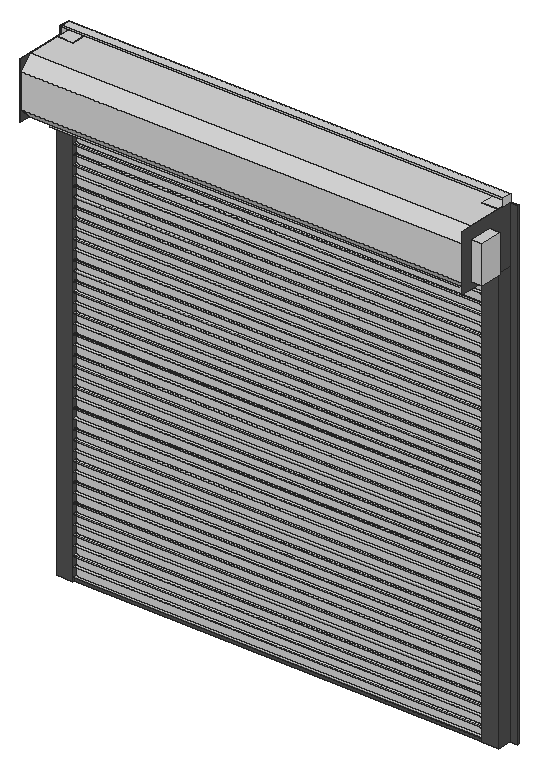
Revit family "Door_Overhead-Coiling-Fire_CHI_7300-Series-Manual", category Doors, host Wall, Revit 2026
Family settings
  Host = Wall
  Classification Number = 23.30.10.17.27.11
  Always vertical = Yes
  Cut with Voids When Loaded = No
  Shared = No
  Room Calculation Point = No
Parameters (values of type "As Specified")
  Voltage_MEP = 0 V
  Standards Conformance = ""
  Sound Transmission Class (STC) = 0
  Slats_Flat = yes
  Slats_Curved = no
  Safety Option [instance] = "[Photoelectric Sensor][Electric Edge Two Wire][Electric Edge Four Wire][Pneumatic Reversing Edge][No Safety Device]"
  Revision = "R1_02-2013"
  RO Offset = 0' - 0"  # constant formula
  Max Width = 0' - 0"
  Max Height = 0' - 0"
  Lock Mounting Point [instance] = "[Interior Mounted][Exterior Mounted]"
  Lock Access Location [instance] = "[Coil Side][Fascia Side][Both Sides]"
  Guide_Z Guide = yes
  Guide_Btwn Jamb = no
  Guide_E Guide = no
  Inset from Interior Face [instance] = 0' - 0"
  Function = Interior
  Frame Finish = Metal - CHI - Black Powdercoat
  Fire Safety Devices [instance] = "[Three 165 F fusible links][Smoke Detectors][Heat Rise Detectors][Connection to Building's Fire Alarm System][Fail-Safe][Fail-Safe with 72 hour battery backup][Audible warning system and strobe light]"
  Curtain Material for Coarse and Medium Views [instance] = Metal - CHI - Silver Powdercoat Coarse Curtain
  Coil Control Station [instance] = "[24V Keyed Switch][24V Two Button][24V Three Button]"
  Body Material = Metal - CHI - Silver Powdercoat
  Air Infiltration = ""
  ASTM Conformance = ""
  Warranty Duration (Years) = 0
  URL = "http://www.chiohd.com/garage-doors/"
  Thickness = 0' - 0 1/4"
  Rough Width = 9' - 1"
  Rough Height = 9' - 3"
  R_Value = 0
  Maintenance Schedule (Months) = 0
  Installation Phase = ""
  Model = "as Specified in 08330"
  Manufacturer = "CHI Overhead Doors"
  Keynote = "08330"
  Height = 9' - 2 1/2"
  Wall Closure = By host
  Width = 9' - 0"
  Fire Rating = "As Specified in 08330"
  Expected Lifespan (Years) = 0
  Drawn By = "Sumex Design, Inc. / Robert S. Weygant, CSI, CDT, SCIP"
  Description = "CHI Overhead Door Product as Specified"
  Copyright = "©Arcat Inc."
  Assembly Code = "B2030420"
Reference planes (in)
  plane 1 "Center (Front/Back)": y = -33.96225
  plane 2 "Center (Left/Right)": x = 64.28704
  plane 3: z = 0
  plane 4 "Right": x = 118.28704
  plane 5 "Left": x = 10.28704
  plane 6 "Closure": y = -37.96225
  plane 7: z = 0
  plane 8 "Top of Frame": z = 110.5
  plane 9 "RO Top": z = 110.5
  plane 10 "RO Right": x = 118.28704
  plane 11 "RO Left": x = 10.28704
  plane 12: y = -37.96225
Lines and regions (in)
  Opening 1
    outline origin (-109.33485, -37.96225, 0) x (1, 0, 0) y (0, 0, 1)
      loop
        line (119.62189, 0) -> (227.62189, 0) -> (227.62189, 110.5) -> (119.62189, 110.5) -> (119.62189, 0)
Text (in)
  text "Exterior" at (50.54558, 27.31104, 0), in view "A101 - Plan View"
  text "Interior" at (58.96477, -82.94027, 0), in view "A101 - Plan View"
  text "Exterior" at (0, -17.98638, 123.01588), in view "Right"
  text "Interior" at (0, -64.39139, 123.01588), in view "Right"
  text "Interior" at (0, -52.09468, 121.14095), in view "Left"
  text "Exterior" at (0, 26.35325, 123.00693), in view "Left"
Dimensions and locks (in)
  equal spacing: plane 4 "Right", plane 2 "Center (Left/Right)", plane 5 "Left"
  "Width": plane 5 "Left" to plane 4 "Right"
  "Height": level to plane 8 "Top of Frame"
  "RO Offset": plane 5 "Left" to plane 11 "RO Left"
  "RO Offset": plane 10 "RO Right" to plane 4 "Right"
  "RO Offset": plane 9 "RO Top" to plane 8 "Top of Frame"
  "Inset from Interior Face": plane 6 "Closure" to plane 12
  aligned and locked: host wall to plane 1 "Center (Front/Back)"
  aligned and locked: host wall to plane 6 "Closure"
  aligned and locked: Opening 1 sketch curve to level
  aligned and locked: Opening 1 sketch curve to plane 9 "RO Top"
  aligned and locked: plane 10 "RO Right" to Opening 1 sketch curve
  aligned and locked: plane 11 "RO Left" to Opening 1 sketch curve
  aligned and locked: plane 12 to nested 1
Nested families (in)
  nested 1: "7300Series" at (64.28704, -45.96225, 0), Mounting to Wood or Masonry Structure <- "Guide_Z Guide", Mounting to Steel Wood or Masonry Btwn Jamb <- "Guide_Btwn Jamb", Mounting to Steel Structure <- "Guide_E Guide", Flat Slat <- "Slats_Flat", Curved Slat <- "Slats_Curved", curtain material for coarse and medium detail views <- "Curtain Material for Coarse and Medium Views", Frame <- "Frame Finish", Body <- "Body Material", Unit Width <- "Width", Unit Height <- "Height", type "Manual"
    with slatcount 45, offset 0' - 0", curtain material for coarse and medium detail views Metal - CHI - Silver Powdercoat Coarse Curtain, Unit Width 9' - 0", Unit Height 9' - 2 1/2", Overall Frame Width 9' - 8 3/4", Mounting to Wood or Masonry Structure yes, Mounting to Steel Wood or Masonry Btwn Jamb no, Mounting to Steel Structure no, Frame Metal - CHI - Black Powdercoat, Flat Slat yes, Curved Slat no, Body Metal - CHI - Silver Powdercoat
Definition of nested family "7300Series"
  Parameters
    slatcount [instance] = if(Flat Slat, ((Unit Height - 0' 1") / 0' 2 1/2") + 1, ((Unit Height - 0' 1") / 0' 2 5/8") + 1)  # 39
    offset [instance] = 0' - 0"
    curtain material for coarse and medium detail views [instance] = none
    canopyheight = 1' - 3"
    Z = 0' - 6 1/2"
    Y = 0' - 4 3/8"
    X = 0' - 3 7/8"
    Unit Width [instance] = 6' - 0"
    Unit Height [instance] = 8' - 0"
    Unit Depth = 1' - 4"
    URL = "http://www.chiohd.com/garage-doors/"
    T = 0' - 6 1/2"
    Specification = ""
    SpecWizard = "http://www.arcat.com/specwizard/clients/chiover.html?coid=43804"
    Sales Information = "http://www.chiohd.com/dealers/#.UQ_IQr_Xb_Y"
    Revision = "R1_02-2013"
    Product Properties = ""
    Product Data = "http://www.arcat.com/arcatcos/cos43/arc43804.html"
    Overall Frame Width [instance] = Unit Width + (Y * 2)  # 6' - 8 3/4"
    Mounting to Wood or Masonry Structure [instance] = no
    Mounting to Steel Wood or Masonry Btwn Jamb [instance] = yes
    Mounting to Steel Structure [instance] = yes
    Model = "As Specified"
    Manufacturer = "CHI Overhead Doors"
    Keynote = ""
    Installation-Fabrication = ""
    Green Building-LEED = "http://www.arcat.com/green/clients/leed_data_43804.html"
    Frame [instance] = none
    Flat Slat [instance] = yes
    Drawn By = "Sumex Design, Inc. / Robert S. Weygant, CSI, CDT, SCIP"
    Description = ""
    Default Elevation = 4' - 0"
    D = 0' - 7 1/2"
    Curved Slat [instance] = no
    Copyright = "©Arcat Inc."
    Construction Details = "http://www.arcat.com/details/chiover/chiover.html?coid=43804"
    Body [instance] = none
    Assembly Code = ""
  Reference planes (in)
    plane 1 "Center (Front/Back)": y = 0
    plane 2 "Bottom": z = 0
    plane 3 "Center (Left/Right)": x = 0
    plane 4 "Front": y = -8
    plane 5 "Back": y = 8
    plane 6 "Left": x = -36
    plane 7 "Right": x = 36
    plane 8 "Top": z = 96
    plane 9: x = -42.5
    plane 10: x = 43.5
    plane 11: z = 115
    plane 12: z = 113
    plane 13: z = 98
    plane 14: x = -40.375
    plane 15: x = 40.375
    plane 16: x = -40.25
    plane 17: x = 40.25
  Forms (in)
    Extrusion 1, solid, material <- "Frame", visible <- "Mounting to Steel Structure"
      sketch origin (0, 0, 0) x (1, 0, 0) y (0, 1, 0)
        loop
          line (-36, 8) -> (-40.375, 8) -> (-40.375, 4.125) -> (-36, 4.125) -> (-36, 8)
        loop
          line (36, 8) -> (36, 4.125) -> (40.375, 4.125) -> (40.375, 8) -> (36, 8)
      from 0 to 113
    Extrusion 2, solid, material <- "Frame", visible <- "Mounting to Wood or Masonry Structure"
      sketch origin (0, 0, 0) x (1, 0, 0) y (0, 1, 0)
        loop
          line (-36, 8) -> (-42.5, 8) -> (-42.5, 7.75) -> (-40.375, 7.75) -> (-40.375, 4.125) -> (-36, 4.125) -> (-36, 8)
        loop
          line (36, 8) -> (36, 4.125) -> (40.375, 4.125) -> (40.375, 7.75) -> (42.5, 7.75) -> (42.5, 8) -> (36, 8)
      from 0 to 113
    Extrusion 3, solid, material <- "Body"
      sketch origin (0, 0, 0) x (0, 1, 0) y (0, 0, 1)
        loop
          line (8, 113) -> (8, 115) -> (5.5, 115) -> (5.5, 113) -> (8, 113)
      from -40.375 to 40.375
    Extrusion 4, void
      sketch origin (0, 0, 0) x (0, 1, 0) y (0, 0, 1)
        loop
          line (5.5, 114.5) -> (5.5, 113) -> (7.9375, 113) -> (7.9375, 114.9375) -> (5.5625, 114.9375) -> (5.5625, 114.5) -> (5.5, 114.5)
      from -40.25 to 40.25
    Extrusion 5, solid, material <- "Frame"
      sketch origin (0, 0, 0) x (0, 1, 0) y (0, 0, 1)
        loop
          line (8, 98) -> (8, 113) -> (-8, 113) -> (-8, 98) -> (8, 98)
      from -40.375 to -40.25
    Extrusion 6, solid, material <- "Body"
      sketch origin (0, 0, 0) x (0, 1, 0) y (0, 0, 1)
        loop
          line (-2, 98) -> (-2.0625, 98) -> (-2.0625, 96.5625) -> (-3.4375, 96.5625) -> (-3.4375, 97) -> (-3.5, 97) -> (-3.5, 96.5) -> (-2, 96.5) -> (-2, 98)
      from -36 to 36
    Extrusion 7, solid, material <- "Frame"
      sketch origin (0, 0, 0) x (0, 1, 0) y (0, 0, -1)
        loop
          line (8, -98) -> (-8, -98) -> (-8, -113) -> (8, -113) -> (8, -98)
      from -40.375 to -40.25
    Extrusion 8, solid, material <- "Body"
      sketch origin (0, 0, 0) x (0, 1, 0) y (0, 0, 1)
        loop
          line (-8, 101) -> (-5, 98) -> (8, 98) -> (8, 113) -> (-5, 113) -> (-8, 110) -> (-8, 101)
      from -40.25 to 40.25
    Sweep 9, solid, material <- "Body", visible <- "Curved Slat", detail levels fine
      path origin (0, 4.5, 0) x (1, 0, 0) y (0, 0, 1)
        loop
          line (-36, 1) -> (36, 1)
      profile "Curved : Slat" origin (0, 4.5, 1) x (0, 0, 1) y (0, -1, 0)
        loop
          line (0.12361, -0.14908) -> (0.41902, 0.18881)
          arc (0.41902, 0.18881) -> (0.47785, 0.19232) -> (0.51866, 0.14981) r 0.07026
          line (0.51866, 0.14981) -> (0.72234, -0.44068)
          arc (0.72234, -0.44068) -> (0.79057, -0.54061) -> (0.90015, -0.5919) r 0.22934
          arc (0.90015, -0.5919) -> (1.23528, -0.61576) -> (1.56849, -0.57273) r 1.68661
          line (1.56849, -0.57273) -> (2.05553, -0.4596)
          arc (2.05553, -0.4596) -> (2.19143, -0.3765) -> (2.29279, -0.25361) r 0.48169
          line (2.29279, -0.25361) -> (2.41997, -0.03334) -> (2.5599, -0.03334)
          arc (2.5599, -0.03334) -> (2.77175, 0.1483) -> (2.49527, 0.18616) r 0.15297
          line (2.49527, 0.18616) -> (2.2261, -0.24458)
          arc (2.2261, -0.24458) -> (2.12605, -0.351) -> (1.99293, -0.41113) r 0.375
          line (1.99293, -0.41113) -> (1.5546, -0.51293)
          arc (1.5546, -0.51293) -> (1.23352, -0.55441) -> (0.91059, -0.53141) r 1.62522
          arc (0.91059, -0.53141) -> (0.83033, -0.49385) -> (0.78036, -0.42066) r 0.16796
          line (0.78036, -0.42066) -> (0.57669, 0.16982)
          arc (0.57669, 0.16982) -> (0.47751, 0.25609) -> (0.35313, 0.21355) r 0.13165
          line (0.35313, 0.21355) -> (0.19152, 0.0287)
          arc (0.19152, 0.0287) -> (-0.18091, 0.06911) -> (0.12361, -0.14908) r 0.19366
    Sweep 10, solid, material <- "Body", visible <- "Curved Slat", detail levels fine
      path origin (0, 4.5, 2.625) x (1, 0, 0) y (0, 0, 1)
        loop
          line (-36, 1) -> (36, 1)
      profile "Curved : Slat" origin (0, 4.5, 3.625) x (0, 0, 1) y (0, -1, 0)
        loop
          line (0.12361, -0.14908) -> (0.41902, 0.18881)
          arc (0.41902, 0.18881) -> (0.47785, 0.19232) -> (0.51866, 0.14981) r 0.07026
          line (0.51866, 0.14981) -> (0.72234, -0.44068)
          arc (0.72234, -0.44068) -> (0.79057, -0.54061) -> (0.90015, -0.5919) r 0.22934
          arc (0.90015, -0.5919) -> (1.23528, -0.61576) -> (1.56849, -0.57273) r 1.68661
          line (1.56849, -0.57273) -> (2.05553, -0.4596)
          arc (2.05553, -0.4596) -> (2.19143, -0.3765) -> (2.29279, -0.25361) r 0.48169
          line (2.29279, -0.25361) -> (2.41997, -0.03334) -> (2.5599, -0.03334)
          arc (2.5599, -0.03334) -> (2.77175, 0.1483) -> (2.49527, 0.18616) r 0.15297
          line (2.49527, 0.18616) -> (2.2261, -0.24458)
          arc (2.2261, -0.24458) -> (2.12605, -0.351) -> (1.99293, -0.41113) r 0.375
          line (1.99293, -0.41113) -> (1.5546, -0.51293)
          arc (1.5546, -0.51293) -> (1.23352, -0.55441) -> (0.91059, -0.53141) r 1.62522
          arc (0.91059, -0.53141) -> (0.83033, -0.49385) -> (0.78036, -0.42066) r 0.16796
          line (0.78036, -0.42066) -> (0.57669, 0.16982)
          arc (0.57669, 0.16982) -> (0.47751, 0.25609) -> (0.35313, 0.21355) r 0.13165
          line (0.35313, 0.21355) -> (0.19152, 0.0287)
          arc (0.19152, 0.0287) -> (-0.18091, 0.06911) -> (0.12361, -0.14908) r 0.19366
    Sweep 11, solid, material <- "Body", visible <- "Curved Slat", detail levels fine
      path origin (0, 4.5, 5.25) x (1, 0, 0) y (0, 0, 1)
        loop
          line (-36, 1) -> (36, 1)
      profile "Curved : Slat" origin (0, 4.5, 6.25) x (0, 0, 1) y (0, -1, 0)
        loop
          line (0.12361, -0.14908) -> (0.41902, 0.18881)
          arc (0.41902, 0.18881) -> (0.47785, 0.19232) -> (0.51866, 0.14981) r 0.07026
          line (0.51866, 0.14981) -> (0.72234, -0.44068)
          arc (0.72234, -0.44068) -> (0.79057, -0.54061) -> (0.90015, -0.5919) r 0.22934
          arc (0.90015, -0.5919) -> (1.23528, -0.61576) -> (1.56849, -0.57273) r 1.68661
          line (1.56849, -0.57273) -> (2.05553, -0.4596)
          arc (2.05553, -0.4596) -> (2.19143, -0.3765) -> (2.29279, -0.25361) r 0.48169
          line (2.29279, -0.25361) -> (2.41997, -0.03334) -> (2.5599, -0.03334)
          arc (2.5599, -0.03334) -> (2.77175, 0.1483) -> (2.49527, 0.18616) r 0.15297
          line (2.49527, 0.18616) -> (2.2261, -0.24458)
          arc (2.2261, -0.24458) -> (2.12605, -0.351) -> (1.99293, -0.41113) r 0.375
          line (1.99293, -0.41113) -> (1.5546, -0.51293)
          arc (1.5546, -0.51293) -> (1.23352, -0.55441) -> (0.91059, -0.53141) r 1.62522
          arc (0.91059, -0.53141) -> (0.83033, -0.49385) -> (0.78036, -0.42066) r 0.16796
          line (0.78036, -0.42066) -> (0.57669, 0.16982)
          arc (0.57669, 0.16982) -> (0.47751, 0.25609) -> (0.35313, 0.21355) r 0.13165
          line (0.35313, 0.21355) -> (0.19152, 0.0287)
          arc (0.19152, 0.0287) -> (-0.18091, 0.06911) -> (0.12361, -0.14908) r 0.19366
    Sweep 12, solid, material <- "Body", visible <- "Curved Slat", detail levels fine
      path origin (0, 4.5, 7.875) x (1, 0, 0) y (0, 0, 1)
        loop
          line (-36, 1) -> (36, 1)
      profile "Curved : Slat" origin (0, 4.5, 8.875) x (0, 0, 1) y (0, -1, 0)
        loop
          line (0.12361, -0.14908) -> (0.41902, 0.18881)
          arc (0.41902, 0.18881) -> (0.47785, 0.19232) -> (0.51866, 0.14981) r 0.07026
          line (0.51866, 0.14981) -> (0.72234, -0.44068)
          arc (0.72234, -0.44068) -> (0.79057, -0.54061) -> (0.90015, -0.5919) r 0.22934
          arc (0.90015, -0.5919) -> (1.23528, -0.61576) -> (1.56849, -0.57273) r 1.68661
          line (1.56849, -0.57273) -> (2.05553, -0.4596)
          arc (2.05553, -0.4596) -> (2.19143, -0.3765) -> (2.29279, -0.25361) r 0.48169
          line (2.29279, -0.25361) -> (2.41997, -0.03334) -> (2.5599, -0.03334)
          arc (2.5599, -0.03334) -> (2.77175, 0.1483) -> (2.49527, 0.18616) r 0.15297
          line (2.49527, 0.18616) -> (2.2261, -0.24458)
          arc (2.2261, -0.24458) -> (2.12605, -0.351) -> (1.99293, -0.41113) r 0.375
          line (1.99293, -0.41113) -> (1.5546, -0.51293)
          arc (1.5546, -0.51293) -> (1.23352, -0.55441) -> (0.91059, -0.53141) r 1.62522
          arc (0.91059, -0.53141) -> (0.83033, -0.49385) -> (0.78036, -0.42066) r 0.16796
          line (0.78036, -0.42066) -> (0.57669, 0.16982)
          arc (0.57669, 0.16982) -> (0.47751, 0.25609) -> (0.35313, 0.21355) r 0.13165
          line (0.35313, 0.21355) -> (0.19152, 0.0287)
          arc (0.19152, 0.0287) -> (-0.18091, 0.06911) -> (0.12361, -0.14908) r 0.19366
    Sweep 13, solid, material <- "Body", visible <- "Curved Slat", detail levels fine
      path origin (0, 4.5, 10.5) x (1, 0, 0) y (0, 0, 1)
        loop
          line (-36, 1) -> (36, 1)
      profile "Curved : Slat" origin (0, 4.5, 11.5) x (0, 0, 1) y (0, -1, 0)
        loop
          line (0.12361, -0.14908) -> (0.41902, 0.18881)
          arc (0.41902, 0.18881) -> (0.47785, 0.19232) -> (0.51866, 0.14981) r 0.07026
          line (0.51866, 0.14981) -> (0.72234, -0.44068)
          arc (0.72234, -0.44068) -> (0.79057, -0.54061) -> (0.90015, -0.5919) r 0.22934
          arc (0.90015, -0.5919) -> (1.23528, -0.61576) -> (1.56849, -0.57273) r 1.68661
          line (1.56849, -0.57273) -> (2.05553, -0.4596)
          arc (2.05553, -0.4596) -> (2.19143, -0.3765) -> (2.29279, -0.25361) r 0.48169
          line (2.29279, -0.25361) -> (2.41997, -0.03334) -> (2.5599, -0.03334)
          arc (2.5599, -0.03334) -> (2.77175, 0.1483) -> (2.49527, 0.18616) r 0.15297
          line (2.49527, 0.18616) -> (2.2261, -0.24458)
          arc (2.2261, -0.24458) -> (2.12605, -0.351) -> (1.99293, -0.41113) r 0.375
          line (1.99293, -0.41113) -> (1.5546, -0.51293)
          arc (1.5546, -0.51293) -> (1.23352, -0.55441) -> (0.91059, -0.53141) r 1.62522
          arc (0.91059, -0.53141) -> (0.83033, -0.49385) -> (0.78036, -0.42066) r 0.16796
          line (0.78036, -0.42066) -> (0.57669, 0.16982)
          arc (0.57669, 0.16982) -> (0.47751, 0.25609) -> (0.35313, 0.21355) r 0.13165
          line (0.35313, 0.21355) -> (0.19152, 0.0287)
          arc (0.19152, 0.0287) -> (-0.18091, 0.06911) -> (0.12361, -0.14908) r 0.19366
    Sweep 14, solid, material <- "Body", visible <- "Curved Slat", detail levels fine
      path origin (0, 4.5, 13.125) x (1, 0, 0) y (0, 0, 1)
        loop
          line (-36, 1) -> (36, 1)
      profile "Curved : Slat" origin (0, 4.5, 14.125) x (0, 0, 1) y (0, -1, 0)
        loop
          line (0.12361, -0.14908) -> (0.41902, 0.18881)
          arc (0.41902, 0.18881) -> (0.47785, 0.19232) -> (0.51866, 0.14981) r 0.07026
          line (0.51866, 0.14981) -> (0.72234, -0.44068)
          arc (0.72234, -0.44068) -> (0.79057, -0.54061) -> (0.90015, -0.5919) r 0.22934
          arc (0.90015, -0.5919) -> (1.23528, -0.61576) -> (1.56849, -0.57273) r 1.68661
          line (1.56849, -0.57273) -> (2.05553, -0.4596)
          arc (2.05553, -0.4596) -> (2.19143, -0.3765) -> (2.29279, -0.25361) r 0.48169
          line (2.29279, -0.25361) -> (2.41997, -0.03334) -> (2.5599, -0.03334)
          arc (2.5599, -0.03334) -> (2.77175, 0.1483) -> (2.49527, 0.18616) r 0.15297
          line (2.49527, 0.18616) -> (2.2261, -0.24458)
          arc (2.2261, -0.24458) -> (2.12605, -0.351) -> (1.99293, -0.41113) r 0.375
          line (1.99293, -0.41113) -> (1.5546, -0.51293)
          arc (1.5546, -0.51293) -> (1.23352, -0.55441) -> (0.91059, -0.53141) r 1.62522
          arc (0.91059, -0.53141) -> (0.83033, -0.49385) -> (0.78036, -0.42066) r 0.16796
          line (0.78036, -0.42066) -> (0.57669, 0.16982)
          arc (0.57669, 0.16982) -> (0.47751, 0.25609) -> (0.35313, 0.21355) r 0.13165
          line (0.35313, 0.21355) -> (0.19152, 0.0287)
          arc (0.19152, 0.0287) -> (-0.18091, 0.06911) -> (0.12361, -0.14908) r 0.19366
    Sweep 15, solid, material <- "Body", visible <- "Curved Slat", detail levels fine
      path origin (0, 4.5, 15.75) x (1, 0, 0) y (0, 0, 1)
        loop
          line (-36, 1) -> (36, 1)
      profile "Curved : Slat" origin (0, 4.5, 16.75) x (0, 0, 1) y (0, -1, 0)
        loop
          line (0.12361, -0.14908) -> (0.41902, 0.18881)
          arc (0.41902, 0.18881) -> (0.47785, 0.19232) -> (0.51866, 0.14981) r 0.07026
          line (0.51866, 0.14981) -> (0.72234, -0.44068)
          arc (0.72234, -0.44068) -> (0.79057, -0.54061) -> (0.90015, -0.5919) r 0.22934
          arc (0.90015, -0.5919) -> (1.23528, -0.61576) -> (1.56849, -0.57273) r 1.68661
          line (1.56849, -0.57273) -> (2.05553, -0.4596)
          arc (2.05553, -0.4596) -> (2.19143, -0.3765) -> (2.29279, -0.25361) r 0.48169
          line (2.29279, -0.25361) -> (2.41997, -0.03334) -> (2.5599, -0.03334)
          arc (2.5599, -0.03334) -> (2.77175, 0.1483) -> (2.49527, 0.18616) r 0.15297
          line (2.49527, 0.18616) -> (2.2261, -0.24458)
          arc (2.2261, -0.24458) -> (2.12605, -0.351) -> (1.99293, -0.41113) r 0.375
          line (1.99293, -0.41113) -> (1.5546, -0.51293)
          arc (1.5546, -0.51293) -> (1.23352, -0.55441) -> (0.91059, -0.53141) r 1.62522
          arc (0.91059, -0.53141) -> (0.83033, -0.49385) -> (0.78036, -0.42066) r 0.16796
          line (0.78036, -0.42066) -> (0.57669, 0.16982)
          arc (0.57669, 0.16982) -> (0.47751, 0.25609) -> (0.35313, 0.21355) r 0.13165
          line (0.35313, 0.21355) -> (0.19152, 0.0287)
          arc (0.19152, 0.0287) -> (-0.18091, 0.06911) -> (0.12361, -0.14908) r 0.19366
    Sweep 16, solid, material <- "Body", visible <- "Curved Slat", detail levels fine
      path origin (0, 4.5, 18.375) x (1, 0, 0) y (0, 0, 1)
        loop
          line (-36, 1) -> (36, 1)
      profile "Curved : Slat" origin (0, 4.5, 19.375) x (0, 0, 1) y (0, -1, 0)
        loop
          line (0.12361, -0.14908) -> (0.41902, 0.18881)
          arc (0.41902, 0.18881) -> (0.47785, 0.19232) -> (0.51866, 0.14981) r 0.07026
          line (0.51866, 0.14981) -> (0.72234, -0.44068)
          arc (0.72234, -0.44068) -> (0.79057, -0.54061) -> (0.90015, -0.5919) r 0.22934
          arc (0.90015, -0.5919) -> (1.23528, -0.61576) -> (1.56849, -0.57273) r 1.68661
          line (1.56849, -0.57273) -> (2.05553, -0.4596)
          arc (2.05553, -0.4596) -> (2.19143, -0.3765) -> (2.29279, -0.25361) r 0.48169
          line (2.29279, -0.25361) -> (2.41997, -0.03334) -> (2.5599, -0.03334)
          arc (2.5599, -0.03334) -> (2.77175, 0.1483) -> (2.49527, 0.18616) r 0.15297
          line (2.49527, 0.18616) -> (2.2261, -0.24458)
          arc (2.2261, -0.24458) -> (2.12605, -0.351) -> (1.99293, -0.41113) r 0.375
          line (1.99293, -0.41113) -> (1.5546, -0.51293)
          arc (1.5546, -0.51293) -> (1.23352, -0.55441) -> (0.91059, -0.53141) r 1.62522
          arc (0.91059, -0.53141) -> (0.83033, -0.49385) -> (0.78036, -0.42066) r 0.16796
          line (0.78036, -0.42066) -> (0.57669, 0.16982)
          arc (0.57669, 0.16982) -> (0.47751, 0.25609) -> (0.35313, 0.21355) r 0.13165
          line (0.35313, 0.21355) -> (0.19152, 0.0287)
          arc (0.19152, 0.0287) -> (-0.18091, 0.06911) -> (0.12361, -0.14908) r 0.19366
    Sweep 17, solid, material <- "Body", visible <- "Curved Slat", detail levels fine
      path origin (0, 4.5, 21) x (1, 0, 0) y (0, 0, 1)
        loop
          line (-36, 1) -> (36, 1)
      profile "Curved : Slat" origin (0, 4.5, 22) x (0, 0, 1) y (0, -1, 0)
        loop
          line (0.12361, -0.14908) -> (0.41902, 0.18881)
          arc (0.41902, 0.18881) -> (0.47785, 0.19232) -> (0.51866, 0.14981) r 0.07026
          line (0.51866, 0.14981) -> (0.72234, -0.44068)
          arc (0.72234, -0.44068) -> (0.79057, -0.54061) -> (0.90015, -0.5919) r 0.22934
          arc (0.90015, -0.5919) -> (1.23528, -0.61576) -> (1.56849, -0.57273) r 1.68661
          line (1.56849, -0.57273) -> (2.05553, -0.4596)
          arc (2.05553, -0.4596) -> (2.19143, -0.3765) -> (2.29279, -0.25361) r 0.48169
          line (2.29279, -0.25361) -> (2.41997, -0.03334) -> (2.5599, -0.03334)
          arc (2.5599, -0.03334) -> (2.77175, 0.1483) -> (2.49527, 0.18616) r 0.15297
          line (2.49527, 0.18616) -> (2.2261, -0.24458)
          arc (2.2261, -0.24458) -> (2.12605, -0.351) -> (1.99293, -0.41113) r 0.375
          line (1.99293, -0.41113) -> (1.5546, -0.51293)
          arc (1.5546, -0.51293) -> (1.23352, -0.55441) -> (0.91059, -0.53141) r 1.62522
          arc (0.91059, -0.53141) -> (0.83033, -0.49385) -> (0.78036, -0.42066) r 0.16796
          line (0.78036, -0.42066) -> (0.57669, 0.16982)
          arc (0.57669, 0.16982) -> (0.47751, 0.25609) -> (0.35313, 0.21355) r 0.13165
          line (0.35313, 0.21355) -> (0.19152, 0.0287)
          arc (0.19152, 0.0287) -> (-0.18091, 0.06911) -> (0.12361, -0.14908) r 0.19366
    Sweep 18, solid, material <- "Body", visible <- "Curved Slat", detail levels fine
      path origin (0, 4.5, 23.625) x (1, 0, 0) y (0, 0, 1)
        loop
          line (-36, 1) -> (36, 1)
      profile "Curved : Slat" origin (0, 4.5, 24.625) x (0, 0, 1) y (0, -1, 0)
        loop
          line (0.12361, -0.14908) -> (0.41902, 0.18881)
          arc (0.41902, 0.18881) -> (0.47785, 0.19232) -> (0.51866, 0.14981) r 0.07026
          line (0.51866, 0.14981) -> (0.72234, -0.44068)
          arc (0.72234, -0.44068) -> (0.79057, -0.54061) -> (0.90015, -0.5919) r 0.22934
          arc (0.90015, -0.5919) -> (1.23528, -0.61576) -> (1.56849, -0.57273) r 1.68661
          line (1.56849, -0.57273) -> (2.05553, -0.4596)
          arc (2.05553, -0.4596) -> (2.19143, -0.3765) -> (2.29279, -0.25361) r 0.48169
          line (2.29279, -0.25361) -> (2.41997, -0.03334) -> (2.5599, -0.03334)
          arc (2.5599, -0.03334) -> (2.77175, 0.1483) -> (2.49527, 0.18616) r 0.15297
          line (2.49527, 0.18616) -> (2.2261, -0.24458)
          arc (2.2261, -0.24458) -> (2.12605, -0.351) -> (1.99293, -0.41113) r 0.375
          line (1.99293, -0.41113) -> (1.5546, -0.51293)
          arc (1.5546, -0.51293) -> (1.23352, -0.55441) -> (0.91059, -0.53141) r 1.62522
          arc (0.91059, -0.53141) -> (0.83033, -0.49385) -> (0.78036, -0.42066) r 0.16796
          line (0.78036, -0.42066) -> (0.57669, 0.16982)
          arc (0.57669, 0.16982) -> (0.47751, 0.25609) -> (0.35313, 0.21355) r 0.13165
          line (0.35313, 0.21355) -> (0.19152, 0.0287)
          arc (0.19152, 0.0287) -> (-0.18091, 0.06911) -> (0.12361, -0.14908) r 0.19366
    Sweep 19, solid, material <- "Body", visible <- "Curved Slat", detail levels fine
      path origin (0, 4.5, 26.25) x (1, 0, 0) y (0, 0, 1)
        loop
          line (-36, 1) -> (36, 1)
      profile "Curved : Slat" origin (0, 4.5, 27.25) x (0, 0, 1) y (0, -1, 0)
        loop
          line (0.12361, -0.14908) -> (0.41902, 0.18881)
          arc (0.41902, 0.18881) -> (0.47785, 0.19232) -> (0.51866, 0.14981) r 0.07026
          line (0.51866, 0.14981) -> (0.72234, -0.44068)
          arc (0.72234, -0.44068) -> (0.79057, -0.54061) -> (0.90015, -0.5919) r 0.22934
          arc (0.90015, -0.5919) -> (1.23528, -0.61576) -> (1.56849, -0.57273) r 1.68661
          line (1.56849, -0.57273) -> (2.05553, -0.4596)
          arc (2.05553, -0.4596) -> (2.19143, -0.3765) -> (2.29279, -0.25361) r 0.48169
          line (2.29279, -0.25361) -> (2.41997, -0.03334) -> (2.5599, -0.03334)
          arc (2.5599, -0.03334) -> (2.77175, 0.1483) -> (2.49527, 0.18616) r 0.15297
          line (2.49527, 0.18616) -> (2.2261, -0.24458)
          arc (2.2261, -0.24458) -> (2.12605, -0.351) -> (1.99293, -0.41113) r 0.375
          line (1.99293, -0.41113) -> (1.5546, -0.51293)
          arc (1.5546, -0.51293) -> (1.23352, -0.55441) -> (0.91059, -0.53141) r 1.62522
          arc (0.91059, -0.53141) -> (0.83033, -0.49385) -> (0.78036, -0.42066) r 0.16796
          line (0.78036, -0.42066) -> (0.57669, 0.16982)
          arc (0.57669, 0.16982) -> (0.47751, 0.25609) -> (0.35313, 0.21355) r 0.13165
          line (0.35313, 0.21355) -> (0.19152, 0.0287)
          arc (0.19152, 0.0287) -> (-0.18091, 0.06911) -> (0.12361, -0.14908) r 0.19366
    Sweep 20, solid, material <- "Body", visible <- "Curved Slat", detail levels fine
      path origin (0, 4.5, 28.875) x (1, 0, 0) y (0, 0, 1)
        loop
          line (-36, 1) -> (36, 1)
      profile "Curved : Slat" origin (0, 4.5, 29.875) x (0, 0, 1) y (0, -1, 0)
        loop
          line (0.12361, -0.14908) -> (0.41902, 0.18881)
          arc (0.41902, 0.18881) -> (0.47785, 0.19232) -> (0.51866, 0.14981) r 0.07026
          line (0.51866, 0.14981) -> (0.72234, -0.44068)
          arc (0.72234, -0.44068) -> (0.79057, -0.54061) -> (0.90015, -0.5919) r 0.22934
          arc (0.90015, -0.5919) -> (1.23528, -0.61576) -> (1.56849, -0.57273) r 1.68661
          line (1.56849, -0.57273) -> (2.05553, -0.4596)
          arc (2.05553, -0.4596) -> (2.19143, -0.3765) -> (2.29279, -0.25361) r 0.48169
          line (2.29279, -0.25361) -> (2.41997, -0.03334) -> (2.5599, -0.03334)
          arc (2.5599, -0.03334) -> (2.77175, 0.1483) -> (2.49527, 0.18616) r 0.15297
          line (2.49527, 0.18616) -> (2.2261, -0.24458)
          arc (2.2261, -0.24458) -> (2.12605, -0.351) -> (1.99293, -0.41113) r 0.375
          line (1.99293, -0.41113) -> (1.5546, -0.51293)
          arc (1.5546, -0.51293) -> (1.23352, -0.55441) -> (0.91059, -0.53141) r 1.62522
          arc (0.91059, -0.53141) -> (0.83033, -0.49385) -> (0.78036, -0.42066) r 0.16796
          line (0.78036, -0.42066) -> (0.57669, 0.16982)
          arc (0.57669, 0.16982) -> (0.47751, 0.25609) -> (0.35313, 0.21355) r 0.13165
          line (0.35313, 0.21355) -> (0.19152, 0.0287)
          arc (0.19152, 0.0287) -> (-0.18091, 0.06911) -> (0.12361, -0.14908) r 0.19366
    Sweep 21, solid, material <- "Body", visible <- "Curved Slat", detail levels fine
      path origin (0, 4.5, 31.5) x (1, 0, 0) y (0, 0, 1)
        loop
          line (-36, 1) -> (36, 1)
      profile "Curved : Slat" origin (0, 4.5, 32.5) x (0, 0, 1) y (0, -1, 0)
        loop
          line (0.12361, -0.14908) -> (0.41902, 0.18881)
          arc (0.41902, 0.18881) -> (0.47785, 0.19232) -> (0.51866, 0.14981) r 0.07026
          line (0.51866, 0.14981) -> (0.72234, -0.44068)
          arc (0.72234, -0.44068) -> (0.79057, -0.54061) -> (0.90015, -0.5919) r 0.22934
          arc (0.90015, -0.5919) -> (1.23528, -0.61576) -> (1.56849, -0.57273) r 1.68661
          line (1.56849, -0.57273) -> (2.05553, -0.4596)
          arc (2.05553, -0.4596) -> (2.19143, -0.3765) -> (2.29279, -0.25361) r 0.48169
          line (2.29279, -0.25361) -> (2.41997, -0.03334) -> (2.5599, -0.03334)
          arc (2.5599, -0.03334) -> (2.77175, 0.1483) -> (2.49527, 0.18616) r 0.15297
          line (2.49527, 0.18616) -> (2.2261, -0.24458)
          arc (2.2261, -0.24458) -> (2.12605, -0.351) -> (1.99293, -0.41113) r 0.375
          line (1.99293, -0.41113) -> (1.5546, -0.51293)
          arc (1.5546, -0.51293) -> (1.23352, -0.55441) -> (0.91059, -0.53141) r 1.62522
          arc (0.91059, -0.53141) -> (0.83033, -0.49385) -> (0.78036, -0.42066) r 0.16796
          line (0.78036, -0.42066) -> (0.57669, 0.16982)
          arc (0.57669, 0.16982) -> (0.47751, 0.25609) -> (0.35313, 0.21355) r 0.13165
          line (0.35313, 0.21355) -> (0.19152, 0.0287)
          arc (0.19152, 0.0287) -> (-0.18091, 0.06911) -> (0.12361, -0.14908) r 0.19366
    Sweep 22, solid, material <- "Body", visible <- "Curved Slat", detail levels fine
      path origin (0, 4.5, 34.125) x (1, 0, 0) y (0, 0, 1)
        loop
          line (-36, 1) -> (36, 1)
      profile "Curved : Slat" origin (0, 4.5, 35.125) x (0, 0, 1) y (0, -1, 0)
        loop
          line (0.12361, -0.14908) -> (0.41902, 0.18881)
          arc (0.41902, 0.18881) -> (0.47785, 0.19232) -> (0.51866, 0.14981) r 0.07026
          line (0.51866, 0.14981) -> (0.72234, -0.44068)
          arc (0.72234, -0.44068) -> (0.79057, -0.54061) -> (0.90015, -0.5919) r 0.22934
          arc (0.90015, -0.5919) -> (1.23528, -0.61576) -> (1.56849, -0.57273) r 1.68661
          line (1.56849, -0.57273) -> (2.05553, -0.4596)
          arc (2.05553, -0.4596) -> (2.19143, -0.3765) -> (2.29279, -0.25361) r 0.48169
          line (2.29279, -0.25361) -> (2.41997, -0.03334) -> (2.5599, -0.03334)
          arc (2.5599, -0.03334) -> (2.77175, 0.1483) -> (2.49527, 0.18616) r 0.15297
          line (2.49527, 0.18616) -> (2.2261, -0.24458)
          arc (2.2261, -0.24458) -> (2.12605, -0.351) -> (1.99293, -0.41113) r 0.375
          line (1.99293, -0.41113) -> (1.5546, -0.51293)
          arc (1.5546, -0.51293) -> (1.23352, -0.55441) -> (0.91059, -0.53141) r 1.62522
          arc (0.91059, -0.53141) -> (0.83033, -0.49385) -> (0.78036, -0.42066) r 0.16796
          line (0.78036, -0.42066) -> (0.57669, 0.16982)
          arc (0.57669, 0.16982) -> (0.47751, 0.25609) -> (0.35313, 0.21355) r 0.13165
          line (0.35313, 0.21355) -> (0.19152, 0.0287)
          arc (0.19152, 0.0287) -> (-0.18091, 0.06911) -> (0.12361, -0.14908) r 0.19366
    Sweep 23, solid, material <- "Body", visible <- "Curved Slat", detail levels fine
      path origin (0, 4.5, 36.75) x (1, 0, 0) y (0, 0, 1)
        loop
          line (-36, 1) -> (36, 1)
      profile "Curved : Slat" origin (0, 4.5, 37.75) x (0, 0, 1) y (0, -1, 0)
        loop
          line (0.12361, -0.14908) -> (0.41902, 0.18881)
          arc (0.41902, 0.18881) -> (0.47785, 0.19232) -> (0.51866, 0.14981) r 0.07026
          line (0.51866, 0.14981) -> (0.72234, -0.44068)
          arc (0.72234, -0.44068) -> (0.79057, -0.54061) -> (0.90015, -0.5919) r 0.22934
          arc (0.90015, -0.5919) -> (1.23528, -0.61576) -> (1.56849, -0.57273) r 1.68661
          line (1.56849, -0.57273) -> (2.05553, -0.4596)
          arc (2.05553, -0.4596) -> (2.19143, -0.3765) -> (2.29279, -0.25361) r 0.48169
          line (2.29279, -0.25361) -> (2.41997, -0.03334) -> (2.5599, -0.03334)
          arc (2.5599, -0.03334) -> (2.77175, 0.1483) -> (2.49527, 0.18616) r 0.15297
          line (2.49527, 0.18616) -> (2.2261, -0.24458)
          arc (2.2261, -0.24458) -> (2.12605, -0.351) -> (1.99293, -0.41113) r 0.375
          line (1.99293, -0.41113) -> (1.5546, -0.51293)
          arc (1.5546, -0.51293) -> (1.23352, -0.55441) -> (0.91059, -0.53141) r 1.62522
          arc (0.91059, -0.53141) -> (0.83033, -0.49385) -> (0.78036, -0.42066) r 0.16796
          line (0.78036, -0.42066) -> (0.57669, 0.16982)
          arc (0.57669, 0.16982) -> (0.47751, 0.25609) -> (0.35313, 0.21355) r 0.13165
          line (0.35313, 0.21355) -> (0.19152, 0.0287)
          arc (0.19152, 0.0287) -> (-0.18091, 0.06911) -> (0.12361, -0.14908) r 0.19366
    Sweep 24, solid, material <- "Body", visible <- "Curved Slat", detail levels fine
      path origin (0, 4.5, 39.375) x (1, 0, 0) y (0, 0, 1)
        loop
          line (-36, 1) -> (36, 1)
      profile "Curved : Slat" origin (0, 4.5, 40.375) x (0, 0, 1) y (0, -1, 0)
        loop
          line (0.12361, -0.14908) -> (0.41902, 0.18881)
          arc (0.41902, 0.18881) -> (0.47785, 0.19232) -> (0.51866, 0.14981) r 0.07026
          line (0.51866, 0.14981) -> (0.72234, -0.44068)
          arc (0.72234, -0.44068) -> (0.79057, -0.54061) -> (0.90015, -0.5919) r 0.22934
          arc (0.90015, -0.5919) -> (1.23528, -0.61576) -> (1.56849, -0.57273) r 1.68661
          line (1.56849, -0.57273) -> (2.05553, -0.4596)
          arc (2.05553, -0.4596) -> (2.19143, -0.3765) -> (2.29279, -0.25361) r 0.48169
          line (2.29279, -0.25361) -> (2.41997, -0.03334) -> (2.5599, -0.03334)
          arc (2.5599, -0.03334) -> (2.77175, 0.1483) -> (2.49527, 0.18616) r 0.15297
          line (2.49527, 0.18616) -> (2.2261, -0.24458)
          arc (2.2261, -0.24458) -> (2.12605, -0.351) -> (1.99293, -0.41113) r 0.375
          line (1.99293, -0.41113) -> (1.5546, -0.51293)
          arc (1.5546, -0.51293) -> (1.23352, -0.55441) -> (0.91059, -0.53141) r 1.62522
          arc (0.91059, -0.53141) -> (0.83033, -0.49385) -> (0.78036, -0.42066) r 0.16796
          line (0.78036, -0.42066) -> (0.57669, 0.16982)
          arc (0.57669, 0.16982) -> (0.47751, 0.25609) -> (0.35313, 0.21355) r 0.13165
          line (0.35313, 0.21355) -> (0.19152, 0.0287)
          arc (0.19152, 0.0287) -> (-0.18091, 0.06911) -> (0.12361, -0.14908) r 0.19366
    Sweep 25, solid, material <- "Body", visible <- "Curved Slat", detail levels fine
      path origin (0, 4.5, 42) x (1, 0, 0) y (0, 0, 1)
        loop
          line (-36, 1) -> (36, 1)
      profile "Curved : Slat" origin (0, 4.5, 43) x (0, 0, 1) y (0, -1, 0)
        loop
          line (0.12361, -0.14908) -> (0.41902, 0.18881)
          arc (0.41902, 0.18881) -> (0.47785, 0.19232) -> (0.51866, 0.14981) r 0.07026
          line (0.51866, 0.14981) -> (0.72234, -0.44068)
          arc (0.72234, -0.44068) -> (0.79057, -0.54061) -> (0.90015, -0.5919) r 0.22934
          arc (0.90015, -0.5919) -> (1.23528, -0.61576) -> (1.56849, -0.57273) r 1.68661
          line (1.56849, -0.57273) -> (2.05553, -0.4596)
          arc (2.05553, -0.4596) -> (2.19143, -0.3765) -> (2.29279, -0.25361) r 0.48169
          line (2.29279, -0.25361) -> (2.41997, -0.03334) -> (2.5599, -0.03334)
          arc (2.5599, -0.03334) -> (2.77175, 0.1483) -> (2.49527, 0.18616) r 0.15297
          line (2.49527, 0.18616) -> (2.2261, -0.24458)
          arc (2.2261, -0.24458) -> (2.12605, -0.351) -> (1.99293, -0.41113) r 0.375
          line (1.99293, -0.41113) -> (1.5546, -0.51293)
          arc (1.5546, -0.51293) -> (1.23352, -0.55441) -> (0.91059, -0.53141) r 1.62522
          arc (0.91059, -0.53141) -> (0.83033, -0.49385) -> (0.78036, -0.42066) r 0.16796
          line (0.78036, -0.42066) -> (0.57669, 0.16982)
          arc (0.57669, 0.16982) -> (0.47751, 0.25609) -> (0.35313, 0.21355) r 0.13165
          line (0.35313, 0.21355) -> (0.19152, 0.0287)
          arc (0.19152, 0.0287) -> (-0.18091, 0.06911) -> (0.12361, -0.14908) r 0.19366
    Sweep 26, solid, material <- "Body", visible <- "Curved Slat", detail levels fine
      path origin (0, 4.5, 44.625) x (1, 0, 0) y (0, 0, 1)
        loop
          line (-36, 1) -> (36, 1)
      profile "Curved : Slat" origin (0, 4.5, 45.625) x (0, 0, 1) y (0, -1, 0)
        loop
          line (0.12361, -0.14908) -> (0.41902, 0.18881)
          arc (0.41902, 0.18881) -> (0.47785, 0.19232) -> (0.51866, 0.14981) r 0.07026
          line (0.51866, 0.14981) -> (0.72234, -0.44068)
          arc (0.72234, -0.44068) -> (0.79057, -0.54061) -> (0.90015, -0.5919) r 0.22934
          arc (0.90015, -0.5919) -> (1.23528, -0.61576) -> (1.56849, -0.57273) r 1.68661
          line (1.56849, -0.57273) -> (2.05553, -0.4596)
          arc (2.05553, -0.4596) -> (2.19143, -0.3765) -> (2.29279, -0.25361) r 0.48169
          line (2.29279, -0.25361) -> (2.41997, -0.03334) -> (2.5599, -0.03334)
          arc (2.5599, -0.03334) -> (2.77175, 0.1483) -> (2.49527, 0.18616) r 0.15297
          line (2.49527, 0.18616) -> (2.2261, -0.24458)
          arc (2.2261, -0.24458) -> (2.12605, -0.351) -> (1.99293, -0.41113) r 0.375
          line (1.99293, -0.41113) -> (1.5546, -0.51293)
          arc (1.5546, -0.51293) -> (1.23352, -0.55441) -> (0.91059, -0.53141) r 1.62522
          arc (0.91059, -0.53141) -> (0.83033, -0.49385) -> (0.78036, -0.42066) r 0.16796
          line (0.78036, -0.42066) -> (0.57669, 0.16982)
          arc (0.57669, 0.16982) -> (0.47751, 0.25609) -> (0.35313, 0.21355) r 0.13165
          line (0.35313, 0.21355) -> (0.19152, 0.0287)
          arc (0.19152, 0.0287) -> (-0.18091, 0.06911) -> (0.12361, -0.14908) r 0.19366
    Sweep 27, solid, material <- "Body", visible <- "Curved Slat", detail levels fine
      path origin (0, 4.5, 47.25) x (1, 0, 0) y (0, 0, 1)
        loop
          line (-36, 1) -> (36, 1)
      profile "Curved : Slat" origin (0, 4.5, 48.25) x (0, 0, 1) y (0, -1, 0)
        loop
          line (0.12361, -0.14908) -> (0.41902, 0.18881)
          arc (0.41902, 0.18881) -> (0.47785, 0.19232) -> (0.51866, 0.14981) r 0.07026
          line (0.51866, 0.14981) -> (0.72234, -0.44068)
          arc (0.72234, -0.44068) -> (0.79057, -0.54061) -> (0.90015, -0.5919) r 0.22934
          arc (0.90015, -0.5919) -> (1.23528, -0.61576) -> (1.56849, -0.57273) r 1.68661
          line (1.56849, -0.57273) -> (2.05553, -0.4596)
          arc (2.05553, -0.4596) -> (2.19143, -0.3765) -> (2.29279, -0.25361) r 0.48169
          line (2.29279, -0.25361) -> (2.41997, -0.03334) -> (2.5599, -0.03334)
          arc (2.5599, -0.03334) -> (2.77175, 0.1483) -> (2.49527, 0.18616) r 0.15297
          line (2.49527, 0.18616) -> (2.2261, -0.24458)
          arc (2.2261, -0.24458) -> (2.12605, -0.351) -> (1.99293, -0.41113) r 0.375
          line (1.99293, -0.41113) -> (1.5546, -0.51293)
          arc (1.5546, -0.51293) -> (1.23352, -0.55441) -> (0.91059, -0.53141) r 1.62522
          arc (0.91059, -0.53141) -> (0.83033, -0.49385) -> (0.78036, -0.42066) r 0.16796
          line (0.78036, -0.42066) -> (0.57669, 0.16982)
          arc (0.57669, 0.16982) -> (0.47751, 0.25609) -> (0.35313, 0.21355) r 0.13165
          line (0.35313, 0.21355) -> (0.19152, 0.0287)
          arc (0.19152, 0.0287) -> (-0.18091, 0.06911) -> (0.12361, -0.14908) r 0.19366
    Sweep 28, solid, material <- "Body", visible <- "Curved Slat", detail levels fine
      path origin (0, 4.5, 49.875) x (1, 0, 0) y (0, 0, 1)
        loop
          line (-36, 1) -> (36, 1)
      profile "Curved : Slat" origin (0, 4.5, 50.875) x (0, 0, 1) y (0, -1, 0)
        loop
          line (0.12361, -0.14908) -> (0.41902, 0.18881)
          arc (0.41902, 0.18881) -> (0.47785, 0.19232) -> (0.51866, 0.14981) r 0.07026
          line (0.51866, 0.14981) -> (0.72234, -0.44068)
          arc (0.72234, -0.44068) -> (0.79057, -0.54061) -> (0.90015, -0.5919) r 0.22934
          arc (0.90015, -0.5919) -> (1.23528, -0.61576) -> (1.56849, -0.57273) r 1.68661
          line (1.56849, -0.57273) -> (2.05553, -0.4596)
          arc (2.05553, -0.4596) -> (2.19143, -0.3765) -> (2.29279, -0.25361) r 0.48169
          line (2.29279, -0.25361) -> (2.41997, -0.03334) -> (2.5599, -0.03334)
          arc (2.5599, -0.03334) -> (2.77175, 0.1483) -> (2.49527, 0.18616) r 0.15297
          line (2.49527, 0.18616) -> (2.2261, -0.24458)
          arc (2.2261, -0.24458) -> (2.12605, -0.351) -> (1.99293, -0.41113) r 0.375
          line (1.99293, -0.41113) -> (1.5546, -0.51293)
          arc (1.5546, -0.51293) -> (1.23352, -0.55441) -> (0.91059, -0.53141) r 1.62522
          arc (0.91059, -0.53141) -> (0.83033, -0.49385) -> (0.78036, -0.42066) r 0.16796
          line (0.78036, -0.42066) -> (0.57669, 0.16982)
          arc (0.57669, 0.16982) -> (0.47751, 0.25609) -> (0.35313, 0.21355) r 0.13165
          line (0.35313, 0.21355) -> (0.19152, 0.0287)
          arc (0.19152, 0.0287) -> (-0.18091, 0.06911) -> (0.12361, -0.14908) r 0.19366
    Sweep 29, solid, material <- "Body", visible <- "Curved Slat", detail levels fine
      path origin (0, 4.5, 52.5) x (1, 0, 0) y (0, 0, 1)
        loop
          line (-36, 1) -> (36, 1)
      profile "Curved : Slat" origin (0, 4.5, 53.5) x (0, 0, 1) y (0, -1, 0)
        loop
          line (0.12361, -0.14908) -> (0.41902, 0.18881)
          arc (0.41902, 0.18881) -> (0.47785, 0.19232) -> (0.51866, 0.14981) r 0.07026
          line (0.51866, 0.14981) -> (0.72234, -0.44068)
          arc (0.72234, -0.44068) -> (0.79057, -0.54061) -> (0.90015, -0.5919) r 0.22934
          arc (0.90015, -0.5919) -> (1.23528, -0.61576) -> (1.56849, -0.57273) r 1.68661
          line (1.56849, -0.57273) -> (2.05553, -0.4596)
          arc (2.05553, -0.4596) -> (2.19143, -0.3765) -> (2.29279, -0.25361) r 0.48169
          line (2.29279, -0.25361) -> (2.41997, -0.03334) -> (2.5599, -0.03334)
          arc (2.5599, -0.03334) -> (2.77175, 0.1483) -> (2.49527, 0.18616) r 0.15297
          line (2.49527, 0.18616) -> (2.2261, -0.24458)
          arc (2.2261, -0.24458) -> (2.12605, -0.351) -> (1.99293, -0.41113) r 0.375
          line (1.99293, -0.41113) -> (1.5546, -0.51293)
          arc (1.5546, -0.51293) -> (1.23352, -0.55441) -> (0.91059, -0.53141) r 1.62522
          arc (0.91059, -0.53141) -> (0.83033, -0.49385) -> (0.78036, -0.42066) r 0.16796
          line (0.78036, -0.42066) -> (0.57669, 0.16982)
          arc (0.57669, 0.16982) -> (0.47751, 0.25609) -> (0.35313, 0.21355) r 0.13165
          line (0.35313, 0.21355) -> (0.19152, 0.0287)
          arc (0.19152, 0.0287) -> (-0.18091, 0.06911) -> (0.12361, -0.14908) r 0.19366
    Sweep 30, solid, material <- "Body", visible <- "Curved Slat", detail levels fine
      path origin (0, 4.5, 55.125) x (1, 0, 0) y (0, 0, 1)
        loop
          line (-36, 1) -> (36, 1)
      profile "Curved : Slat" origin (0, 4.5, 56.125) x (0, 0, 1) y (0, -1, 0)
        loop
          line (0.12361, -0.14908) -> (0.41902, 0.18881)
          arc (0.41902, 0.18881) -> (0.47785, 0.19232) -> (0.51866, 0.14981) r 0.07026
          line (0.51866, 0.14981) -> (0.72234, -0.44068)
          arc (0.72234, -0.44068) -> (0.79057, -0.54061) -> (0.90015, -0.5919) r 0.22934
          arc (0.90015, -0.5919) -> (1.23528, -0.61576) -> (1.56849, -0.57273) r 1.68661
          line (1.56849, -0.57273) -> (2.05553, -0.4596)
          arc (2.05553, -0.4596) -> (2.19143, -0.3765) -> (2.29279, -0.25361) r 0.48169
          line (2.29279, -0.25361) -> (2.41997, -0.03334) -> (2.5599, -0.03334)
          arc (2.5599, -0.03334) -> (2.77175, 0.1483) -> (2.49527, 0.18616) r 0.15297
          line (2.49527, 0.18616) -> (2.2261, -0.24458)
          arc (2.2261, -0.24458) -> (2.12605, -0.351) -> (1.99293, -0.41113) r 0.375
          line (1.99293, -0.41113) -> (1.5546, -0.51293)
          arc (1.5546, -0.51293) -> (1.23352, -0.55441) -> (0.91059, -0.53141) r 1.62522
          arc (0.91059, -0.53141) -> (0.83033, -0.49385) -> (0.78036, -0.42066) r 0.16796
          line (0.78036, -0.42066) -> (0.57669, 0.16982)
          arc (0.57669, 0.16982) -> (0.47751, 0.25609) -> (0.35313, 0.21355) r 0.13165
          line (0.35313, 0.21355) -> (0.19152, 0.0287)
          arc (0.19152, 0.0287) -> (-0.18091, 0.06911) -> (0.12361, -0.14908) r 0.19366
    Sweep 31, solid, material <- "Body", visible <- "Curved Slat", detail levels fine
      path origin (0, 4.5, 57.75) x (1, 0, 0) y (0, 0, 1)
        loop
          line (-36, 1) -> (36, 1)
      profile "Curved : Slat" origin (0, 4.5, 58.75) x (0, 0, 1) y (0, -1, 0)
        loop
          line (0.12361, -0.14908) -> (0.41902, 0.18881)
          arc (0.41902, 0.18881) -> (0.47785, 0.19232) -> (0.51866, 0.14981) r 0.07026
          line (0.51866, 0.14981) -> (0.72234, -0.44068)
          arc (0.72234, -0.44068) -> (0.79057, -0.54061) -> (0.90015, -0.5919) r 0.22934
          arc (0.90015, -0.5919) -> (1.23528, -0.61576) -> (1.56849, -0.57273) r 1.68661
          line (1.56849, -0.57273) -> (2.05553, -0.4596)
          arc (2.05553, -0.4596) -> (2.19143, -0.3765) -> (2.29279, -0.25361) r 0.48169
          line (2.29279, -0.25361) -> (2.41997, -0.03334) -> (2.5599, -0.03334)
          arc (2.5599, -0.03334) -> (2.77175, 0.1483) -> (2.49527, 0.18616) r 0.15297
          line (2.49527, 0.18616) -> (2.2261, -0.24458)
          arc (2.2261, -0.24458) -> (2.12605, -0.351) -> (1.99293, -0.41113) r 0.375
          line (1.99293, -0.41113) -> (1.5546, -0.51293)
          arc (1.5546, -0.51293) -> (1.23352, -0.55441) -> (0.91059, -0.53141) r 1.62522
          arc (0.91059, -0.53141) -> (0.83033, -0.49385) -> (0.78036, -0.42066) r 0.16796
          line (0.78036, -0.42066) -> (0.57669, 0.16982)
          arc (0.57669, 0.16982) -> (0.47751, 0.25609) -> (0.35313, 0.21355) r 0.13165
          line (0.35313, 0.21355) -> (0.19152, 0.0287)
          arc (0.19152, 0.0287) -> (-0.18091, 0.06911) -> (0.12361, -0.14908) r 0.19366
    Sweep 32, solid, material <- "Body", visible <- "Curved Slat", detail levels fine
      path origin (0, 4.5, 60.375) x (1, 0, 0) y (0, 0, 1)
        loop
          line (-36, 1) -> (36, 1)
      profile "Curved : Slat" origin (0, 4.5, 61.375) x (0, 0, 1) y (0, -1, 0)
        loop
          line (0.12361, -0.14908) -> (0.41902, 0.18881)
          arc (0.41902, 0.18881) -> (0.47785, 0.19232) -> (0.51866, 0.14981) r 0.07026
          line (0.51866, 0.14981) -> (0.72234, -0.44068)
          arc (0.72234, -0.44068) -> (0.79057, -0.54061) -> (0.90015, -0.5919) r 0.22934
          arc (0.90015, -0.5919) -> (1.23528, -0.61576) -> (1.56849, -0.57273) r 1.68661
          line (1.56849, -0.57273) -> (2.05553, -0.4596)
          arc (2.05553, -0.4596) -> (2.19143, -0.3765) -> (2.29279, -0.25361) r 0.48169
          line (2.29279, -0.25361) -> (2.41997, -0.03334) -> (2.5599, -0.03334)
          arc (2.5599, -0.03334) -> (2.77175, 0.1483) -> (2.49527, 0.18616) r 0.15297
          line (2.49527, 0.18616) -> (2.2261, -0.24458)
          arc (2.2261, -0.24458) -> (2.12605, -0.351) -> (1.99293, -0.41113) r 0.375
          line (1.99293, -0.41113) -> (1.5546, -0.51293)
          arc (1.5546, -0.51293) -> (1.23352, -0.55441) -> (0.91059, -0.53141) r 1.62522
          arc (0.91059, -0.53141) -> (0.83033, -0.49385) -> (0.78036, -0.42066) r 0.16796
          line (0.78036, -0.42066) -> (0.57669, 0.16982)
          arc (0.57669, 0.16982) -> (0.47751, 0.25609) -> (0.35313, 0.21355) r 0.13165
          line (0.35313, 0.21355) -> (0.19152, 0.0287)
          arc (0.19152, 0.0287) -> (-0.18091, 0.06911) -> (0.12361, -0.14908) r 0.19366
    Sweep 33, solid, material <- "Body", visible <- "Curved Slat", detail levels fine
      path origin (0, 4.5, 63) x (1, 0, 0) y (0, 0, 1)
        loop
          line (-36, 1) -> (36, 1)
      profile "Curved : Slat" origin (0, 4.5, 64) x (0, 0, 1) y (0, -1, 0)
        loop
          line (0.12361, -0.14908) -> (0.41902, 0.18881)
          arc (0.41902, 0.18881) -> (0.47785, 0.19232) -> (0.51866, 0.14981) r 0.07026
          line (0.51866, 0.14981) -> (0.72234, -0.44068)
          arc (0.72234, -0.44068) -> (0.79057, -0.54061) -> (0.90015, -0.5919) r 0.22934
          arc (0.90015, -0.5919) -> (1.23528, -0.61576) -> (1.56849, -0.57273) r 1.68661
          line (1.56849, -0.57273) -> (2.05553, -0.4596)
          arc (2.05553, -0.4596) -> (2.19143, -0.3765) -> (2.29279, -0.25361) r 0.48169
          line (2.29279, -0.25361) -> (2.41997, -0.03334) -> (2.5599, -0.03334)
          arc (2.5599, -0.03334) -> (2.77175, 0.1483) -> (2.49527, 0.18616) r 0.15297
          line (2.49527, 0.18616) -> (2.2261, -0.24458)
          arc (2.2261, -0.24458) -> (2.12605, -0.351) -> (1.99293, -0.41113) r 0.375
          line (1.99293, -0.41113) -> (1.5546, -0.51293)
          arc (1.5546, -0.51293) -> (1.23352, -0.55441) -> (0.91059, -0.53141) r 1.62522
          arc (0.91059, -0.53141) -> (0.83033, -0.49385) -> (0.78036, -0.42066) r 0.16796
          line (0.78036, -0.42066) -> (0.57669, 0.16982)
          arc (0.57669, 0.16982) -> (0.47751, 0.25609) -> (0.35313, 0.21355) r 0.13165
          line (0.35313, 0.21355) -> (0.19152, 0.0287)
          arc (0.19152, 0.0287) -> (-0.18091, 0.06911) -> (0.12361, -0.14908) r 0.19366
    Sweep 34, solid, material <- "Body", visible <- "Curved Slat", detail levels fine
      path origin (0, 4.5, 65.625) x (1, 0, 0) y (0, 0, 1)
        loop
          line (-36, 1) -> (36, 1)
      profile "Curved : Slat" origin (0, 4.5, 66.625) x (0, 0, 1) y (0, -1, 0)
        loop
          line (0.12361, -0.14908) -> (0.41902, 0.18881)
          arc (0.41902, 0.18881) -> (0.47785, 0.19232) -> (0.51866, 0.14981) r 0.07026
          line (0.51866, 0.14981) -> (0.72234, -0.44068)
          arc (0.72234, -0.44068) -> (0.79057, -0.54061) -> (0.90015, -0.5919) r 0.22934
          arc (0.90015, -0.5919) -> (1.23528, -0.61576) -> (1.56849, -0.57273) r 1.68661
          line (1.56849, -0.57273) -> (2.05553, -0.4596)
          arc (2.05553, -0.4596) -> (2.19143, -0.3765) -> (2.29279, -0.25361) r 0.48169
          line (2.29279, -0.25361) -> (2.41997, -0.03334) -> (2.5599, -0.03334)
          arc (2.5599, -0.03334) -> (2.77175, 0.1483) -> (2.49527, 0.18616) r 0.15297
          line (2.49527, 0.18616) -> (2.2261, -0.24458)
          arc (2.2261, -0.24458) -> (2.12605, -0.351) -> (1.99293, -0.41113) r 0.375
          line (1.99293, -0.41113) -> (1.5546, -0.51293)
          arc (1.5546, -0.51293) -> (1.23352, -0.55441) -> (0.91059, -0.53141) r 1.62522
          arc (0.91059, -0.53141) -> (0.83033, -0.49385) -> (0.78036, -0.42066) r 0.16796
          line (0.78036, -0.42066) -> (0.57669, 0.16982)
          arc (0.57669, 0.16982) -> (0.47751, 0.25609) -> (0.35313, 0.21355) r 0.13165
          line (0.35313, 0.21355) -> (0.19152, 0.0287)
          arc (0.19152, 0.0287) -> (-0.18091, 0.06911) -> (0.12361, -0.14908) r 0.19366
    Sweep 35, solid, material <- "Body", visible <- "Curved Slat", detail levels fine
      path origin (0, 4.5, 68.25) x (1, 0, 0) y (0, 0, 1)
        loop
          line (-36, 1) -> (36, 1)
      profile "Curved : Slat" origin (0, 4.5, 69.25) x (0, 0, 1) y (0, -1, 0)
        loop
          line (0.12361, -0.14908) -> (0.41902, 0.18881)
          arc (0.41902, 0.18881) -> (0.47785, 0.19232) -> (0.51866, 0.14981) r 0.07026
          line (0.51866, 0.14981) -> (0.72234, -0.44068)
          arc (0.72234, -0.44068) -> (0.79057, -0.54061) -> (0.90015, -0.5919) r 0.22934
          arc (0.90015, -0.5919) -> (1.23528, -0.61576) -> (1.56849, -0.57273) r 1.68661
          line (1.56849, -0.57273) -> (2.05553, -0.4596)
          arc (2.05553, -0.4596) -> (2.19143, -0.3765) -> (2.29279, -0.25361) r 0.48169
          line (2.29279, -0.25361) -> (2.41997, -0.03334) -> (2.5599, -0.03334)
          arc (2.5599, -0.03334) -> (2.77175, 0.1483) -> (2.49527, 0.18616) r 0.15297
          line (2.49527, 0.18616) -> (2.2261, -0.24458)
          arc (2.2261, -0.24458) -> (2.12605, -0.351) -> (1.99293, -0.41113) r 0.375
          line (1.99293, -0.41113) -> (1.5546, -0.51293)
          arc (1.5546, -0.51293) -> (1.23352, -0.55441) -> (0.91059, -0.53141) r 1.62522
          arc (0.91059, -0.53141) -> (0.83033, -0.49385) -> (0.78036, -0.42066) r 0.16796
          line (0.78036, -0.42066) -> (0.57669, 0.16982)
          arc (0.57669, 0.16982) -> (0.47751, 0.25609) -> (0.35313, 0.21355) r 0.13165
          line (0.35313, 0.21355) -> (0.19152, 0.0287)
          arc (0.19152, 0.0287) -> (-0.18091, 0.06911) -> (0.12361, -0.14908) r 0.19366
    Sweep 36, solid, material <- "Body", visible <- "Curved Slat", detail levels fine
      path origin (0, 4.5, 70.875) x (1, 0, 0) y (0, 0, 1)
        loop
          line (-36, 1) -> (36, 1)
      profile "Curved : Slat" origin (0, 4.5, 71.875) x (0, 0, 1) y (0, -1, 0)
        loop
          line (0.12361, -0.14908) -> (0.41902, 0.18881)
          arc (0.41902, 0.18881) -> (0.47785, 0.19232) -> (0.51866, 0.14981) r 0.07026
          line (0.51866, 0.14981) -> (0.72234, -0.44068)
          arc (0.72234, -0.44068) -> (0.79057, -0.54061) -> (0.90015, -0.5919) r 0.22934
          arc (0.90015, -0.5919) -> (1.23528, -0.61576) -> (1.56849, -0.57273) r 1.68661
          line (1.56849, -0.57273) -> (2.05553, -0.4596)
          arc (2.05553, -0.4596) -> (2.19143, -0.3765) -> (2.29279, -0.25361) r 0.48169
          line (2.29279, -0.25361) -> (2.41997, -0.03334) -> (2.5599, -0.03334)
          arc (2.5599, -0.03334) -> (2.77175, 0.1483) -> (2.49527, 0.18616) r 0.15297
          line (2.49527, 0.18616) -> (2.2261, -0.24458)
          arc (2.2261, -0.24458) -> (2.12605, -0.351) -> (1.99293, -0.41113) r 0.375
          line (1.99293, -0.41113) -> (1.5546, -0.51293)
          arc (1.5546, -0.51293) -> (1.23352, -0.55441) -> (0.91059, -0.53141) r 1.62522
          arc (0.91059, -0.53141) -> (0.83033, -0.49385) -> (0.78036, -0.42066) r 0.16796
          line (0.78036, -0.42066) -> (0.57669, 0.16982)
          arc (0.57669, 0.16982) -> (0.47751, 0.25609) -> (0.35313, 0.21355) r 0.13165
          line (0.35313, 0.21355) -> (0.19152, 0.0287)
          arc (0.19152, 0.0287) -> (-0.18091, 0.06911) -> (0.12361, -0.14908) r 0.19366
    Sweep 37, solid, material <- "Body", visible <- "Curved Slat", detail levels fine
      path origin (0, 4.5, 73.5) x (1, 0, 0) y (0, 0, 1)
        loop
          line (-36, 1) -> (36, 1)
      profile "Curved : Slat" origin (0, 4.5, 74.5) x (0, 0, 1) y (0, -1, 0)
        loop
          line (0.12361, -0.14908) -> (0.41902, 0.18881)
          arc (0.41902, 0.18881) -> (0.47785, 0.19232) -> (0.51866, 0.14981) r 0.07026
          line (0.51866, 0.14981) -> (0.72234, -0.44068)
          arc (0.72234, -0.44068) -> (0.79057, -0.54061) -> (0.90015, -0.5919) r 0.22934
          arc (0.90015, -0.5919) -> (1.23528, -0.61576) -> (1.56849, -0.57273) r 1.68661
          line (1.56849, -0.57273) -> (2.05553, -0.4596)
          arc (2.05553, -0.4596) -> (2.19143, -0.3765) -> (2.29279, -0.25361) r 0.48169
          line (2.29279, -0.25361) -> (2.41997, -0.03334) -> (2.5599, -0.03334)
          arc (2.5599, -0.03334) -> (2.77175, 0.1483) -> (2.49527, 0.18616) r 0.15297
          line (2.49527, 0.18616) -> (2.2261, -0.24458)
          arc (2.2261, -0.24458) -> (2.12605, -0.351) -> (1.99293, -0.41113) r 0.375
          line (1.99293, -0.41113) -> (1.5546, -0.51293)
